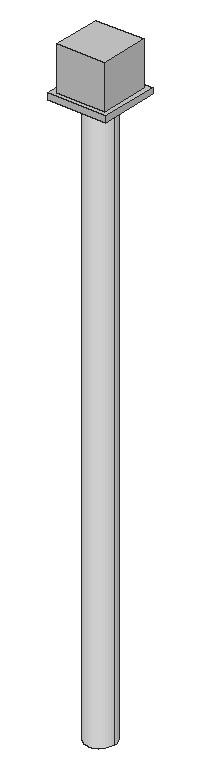
Revit family "BS_FM_Đài Móng - 1 cọc", category Structural Foundations, Revit 2019
Family settings
  Material for Model Behavior = Concrete
  Cap = No
  OmniClass Number = 23.25.05.11
  OmniClass Title = Foundation Piles
  Work Plane-Based = No
  Always vertical = Yes
  Cut with Voids When Loaded = No
  Shared = No
Parameters (values of type "1000 x 1000 x 900mm")
  h_BaoVe [instance] = 120 mm
  a2_BaoVe [instance] = 100 mm
  a1_BaoVe [instance] = 100 mm
  Width = 1000 mm
  Structural Material = @BS-BeTongCotThep
  Length = 1000 mm
  Foundation Thickness = 900 mm
  Diameter = 600 mm
  Depth [instance] = 12000 mm
  D_LINE [instance] = Diameter + 100 mm  # 700 mm
  Cut-off = 150 mm
  BS_Cọc Tròn = yes
  BS_Cọc Vuông = no
  BS_BeTongMong = @BS-BeTongCotThep
  BS_BeTongLot = @BS-BeTong
  BS_BeTongCoc = Steel, 45-345
  Assembly Code = "A1010130"
Reference planes
  plane 1 "Center (Front/Back)": y = 0
  plane 2: z = 0
  plane 3 "Center (Left/Right)": x = 0
  plane 4: x = -500
  plane 5: x = 500
  plane 6: y = 500
  plane 7: y = -500
  plane 8 "Coc": z = -900
  plane 9: z = -750
  plane 10: z = -1020
Forms (mm)
  Extrusion 1, solid, material "@BS-BeTongCotThep" <- "BS_BeTongMong"
    sketch origin (0, 0, 0) x (1, 0, 0) y (0, 1, 0)
      loop
        line (-500, 500) -> (-500, -500) -> (500, -500) -> (500, 500) -> (-500, 500)
    from -900 to 0
  Extrusion 2, solid, material "@BS-BeTong" <- "BS_BeTongLot"
    sketch origin (0, 0, 0) x (1, 0, 0) y (0, 1, 0)
      loop
        line (-600, 600) -> (-600, -600) -> (600, -600) -> (600, 600) -> (-600, 600)
    from -1020 to -900
Dimensions and locks
  "Width": plane 4 to plane 5
  "Length": plane 6 to plane 7
  equal spacing: plane 6, plane 1 "Center (Front/Back)", plane 7
  equal spacing: plane 4, plane 3 "Center (Left/Right)", plane 5
  "Foundation Thickness": plane 2 to plane 8 "Coc"
  "Cut-off": plane 9 to plane 8 "Coc"
  "a2_BaoVe": plane 7 to Extrusion 2 sketch curve
  "a2_BaoVe": Extrusion 2 sketch curve to plane 6
  "a1_BaoVe": Extrusion 2 sketch curve to plane 4
  "a1_BaoVe": Extrusion 1 to Extrusion 2 sketch curve
  "h_BaoVe": plane 10 to plane 8 "Coc"
  aligned and locked: plane 4 to Extrusion 1 sketch curve
  aligned and locked: Extrusion 1 sketch curve to plane 5
  aligned and locked: Extrusion 1 sketch curve to plane 6
  aligned and locked: plane 7 to Extrusion 1 sketch curve
  aligned and locked: level to Extrusion 1
  aligned and locked: Extrusion 1 to plane 8 "Coc"
  aligned and locked: Extrusion 2 to Extrusion 1
  aligned and locked: Extrusion 2 to plane 10
  aligned and locked: plane 3 "Center (Left/Right)" to nested 1
  aligned and locked: plane 1 "Center (Front/Back)" to nested 1  (x2)
  aligned and locked: plane 3 "Center (Left/Right)" to nested 2
  aligned and locked: plane 1 "Center (Front/Back)" to nested 2
  aligned and locked: nested 1 to plane 3 "Center (Left/Right)"
  aligned and locked: plane 8 "Coc" to nested 2
  aligned and locked: plane 8 "Coc" to nested 1
Nested families
  nested 1: "BS_FM_Pile-Cọc Tròn" at (0, 0, -900), Minimum Embedment <- "Cut-off", Diameter <- "Diameter", Depth <- "Depth", Structural Material <- "BS_BeTongCoc", visible <- "BS_Cọc Tròn", type "600mm Diameter"
    with Structural Material Steel, 45-345, Radius 300 mm, Minimum Embedment 150 mm, Diameter 600 mm, Depth 12000 mm
  nested 2: "BS_FM_Pile-Cọc Vuông" at (0, 0, -900), Diameter <- "Diameter", Depth <- "Depth", Minimum Embedment <- "Cut-off", visible <- "BS_Cọc Vuông", Structural Material <- "BS_BeTongCoc", type "300mm Diameter"
    with Structural Material Steel, 45-345, Radius 300 mm, Minimum Embedment 150 mm, Diameter 600 mm, Depth 12000 mm
Definition of nested family "BS_FM_Pile-Cọc Tròn"
  Parameters (values of type "600mm Diameter")
    Structural Material [instance] = none
    Radius [instance] = Diameter / 2  # 300 mm
    Minimum Embedment [instance] = 152 mm
    Diameter [instance] = 600 mm
    Depth [instance] = 6000 mm
    Assembly Code = "A1020130"
  Types (4): name
    600mm Diameter
    300mm Diameter
    400mm Diameter
    500mm Diameter
  Reference planes
    plane 1 "Center (Front/Back)": y = 0
    plane 2: z = 0
    plane 3 "Center (Left/Right)": x = 0
    plane 4: z = -6000
    plane 5: z = 152
  Forms (mm)
    Extrusion 1, solid, material <- "Structural Material"
      sketch origin (0, 0, 0) x (1, 0, 0) y (0, 1, 0)
        loop
          circle (0, 0) r 300
      from -6000 to 152
  Dimensions and locks
    "Depth": plane 2 to plane 4
    "Minimum Embedment": plane 5 to plane 2
    "Radius": radius of Extrusion 1 sketch curve
    aligned and locked: Extrusion 1 to plane 4
    aligned and locked: Extrusion 1 to plane 5
    aligned and locked: plane 1 "Center (Front/Back)" to nested 1
    aligned and locked: plane 3 "Center (Left/Right)" to nested 1
  Automatic sketch dimensions
    plane 1 "Center (Front/Back)" to Extrusion 1 sketch curve = 0 mm
    Extrusion 1 sketch curve to plane 3 "Center (Left/Right)" = 0 mm
  Nested families
    nested 1: "BS_Line_TimCoc" at (0, 0, 0), type "BS_Line_TimCoc"
      with LINE 700 mm, DK 600 mm
  Definition of nested family "BS_Line_TimCoc"
    Parameters (values of type "BS_Line_TimCoc")
      LINE = DK + 100 mm  # 780 mm
      DK = 680 mm
    Reference planes
      plane 1 "Center (Front/Back)": y = 0
      plane 2: z = 0
      plane 3 "Center (Left/Right)": x = 0
    Lines and regions (mm)
      detail lines, in view "Ref. Level", not visible
        curve 1: circle (0, 0, 0) r 340 normal (0, 0, 1)
      detail lines, in view "Ref. Level"
        curve 2: line (-390, 0, 0) -> (390, 0, 0)
        curve 3: line (0, 390, 0) -> (0, -390, 0)
    Dimensions and locks
      equal spacing: curve 2, plane 3 "Center (Left/Right)", curve 2
      equal spacing: curve 3, plane 1 "Center (Front/Back)", curve 3
      "LINE": curve 3 to curve 3
      "LINE": curve 2 to curve 2
      "DK": diameter of curve 1
    Automatic sketch dimensions
      curve 3 to plane 3 "Center (Left/Right)" = 0 mm
      plane 1 "Center (Front/Back)" to curve 1 = 0 mm
      curve 1 to plane 3 "Center (Left/Right)" = 0 mm
      plane 1 "Center (Front/Back)" to curve 2 = 0 mm
Definition of nested family "BS_FM_Pile-Cọc Vuông"
  Parameters (values of type "600mm Diameter")
    Structural Material [instance] = none
    Radius [instance] = Diameter / 2  # 125 mm
    Minimum Embedment [instance] = 150 mm
    Diameter [instance] = 250 mm
    Depth [instance] = 6000 mm
    Assembly Code = "A1020130"
  Types (6, lengths in mm): name | Radius | Diameter
    600mm Diameter | 125 | 250
    200mm Diameter | 300 | 600
    250mm Diameter | 300 | 600
    300mm Diameter | 300 | 600
    400mm Diameter | 300 | 600
    500mm Diameter | 300 | 600
  Reference planes
    plane 1 "Center (Front/Back)": y = 0
    plane 2: z = 0
    plane 3 "Center (Left/Right)": x = 0
    plane 4: z = -6000
    plane 5: z = 150
  Forms (mm)
    Extrusion 1, solid, material <- "Structural Material"
      sketch origin (0, 0, 0) x (1, 0, 0) y (0, 1, 0)
        loop
          line (-125, -125) -> (125, -125) -> (125, 125) -> (-125, 125) -> (-125, -125)
      from -6000 to 150
  Dimensions and locks
    "Depth": plane 2 to plane 4
    "Minimum Embedment": plane 5 to plane 2
    equal spacing: Extrusion 1 sketch curve, plane 3 "Center (Left/Right)", Extrusion 1 sketch curve
    "Diameter": Extrusion 1 sketch curve to Extrusion 1 sketch curve  (x2)
    equal spacing: Extrusion 1 sketch curve, plane 1 "Center (Front/Back)", Extrusion 1 sketch curve
    aligned and locked: Extrusion 1 to plane 4
    aligned and locked: Extrusion 1 to plane 5
    aligned and locked: plane 3 "Center (Left/Right)" to nested 1
    aligned and locked: plane 1 "Center (Front/Back)" to nested 1  (x2)
    aligned and locked: nested 1 to plane 3 "Center (Left/Right)"
  Nested families
    nested 1: "BS_Line_TimCoc" at (0, 0, 0), type "BS_Line_TimCoc"
      with LINE 350 mm, DK 250 mm
  Definition of nested family "BS_Line_TimCoc"
    Parameters (values of type "BS_Line_TimCoc")
      LINE = DK + 100 mm  # 780 mm
      DK = 680 mm
    Reference planes
      plane 1 "Center (Front/Back)": y = 0
      plane 2: z = 0
      plane 3 "Center (Left/Right)": x = 0
    Lines and regions (mm)
      detail lines, in view "Ref. Level", not visible
        curve 1: circle (0, 0, 0) r 340 normal (0, 0, 1)
      detail lines, in view "Ref. Level"
        curve 2: line (-390, 0, 0) -> (390, 0, 0)
        curve 3: line (0, 390, 0) -> (0, -390, 0)
    Dimensions and locks
      equal spacing: curve 2, plane 3 "Center (Left/Right)", curve 2
      equal spacing: curve 3, plane 1 "Center (Front/Back)", curve 3
      "LINE": curve 3 to curve 3
      "LINE": curve 2 to curve 2
      "DK": diameter of curve 1
    Automatic sketch dimensions
      curve 3 to plane 3 "Center (Left/Right)" = 0 mm
      plane 1 "Center (Front/Back)" to curve 1 = 0 mm
      curve 1 to plane 3 "Center (Left/Right)" = 0 mm
      plane 1 "Center (Front/Back)" to curve 2 = 0 mm
